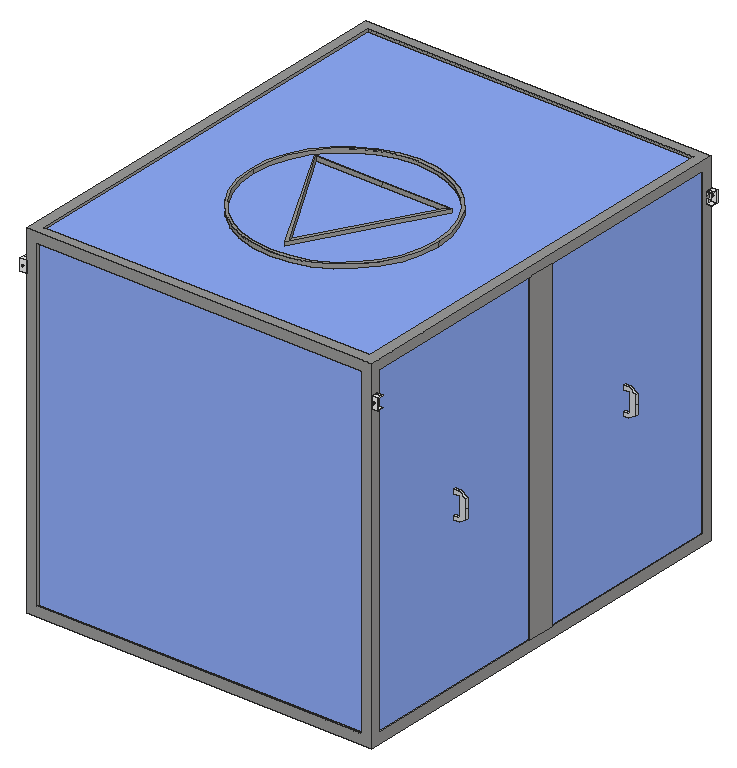
Revit family "2. Вентиляторы KORF ANR V1 REZ", category Оборудование, Revit 2016
Family settings
  Тип детали = Нормальный
  Размер круглого соединителя = Использовать диаметр
  На основе рабочей плоскости = Нет
  Всегда вертикально = Да
  При загрузке вырезать с полостями = Нет
  Общий = Нет
  Точка расчета площади = Нет
Parameters (values of type "ANR 8 V1.2.")
  значок [instance] = yes
  Ширина = Д - 75 mm  # 1550 mm
  Синий = Синий
  Середина = h + Б1 / 2  # 780 mm
  Д1 = Д - 20 mm  # 1605 mm
  Д = 1625 mm
  ножки(да/нет) [instance] = no
  Высота = Б - 75 mm  # 1245 mm
  Б1 = Б - 20 mm  # 1300 mm
  А1 = А - 20 mm  # 1300 mm
  А = 1320 mm
  высота ножек = 120 mm
  Б = 1320 mm
  Частотный преобразователь [instance] = no
  Частота вращения n, об/мин = ""
  Тип, марка, обозначение = "ANR 8 V1.2. REZ"
  Сила тока J, А = ""
  Регулятор расхода [instance] = no
  Раздел = "ОВ"
  Примечание = ""
  Позиция = ""
  Напряжение U,В = ""
  Наименование и тех.хар-ка = "Секция вентилятора с резервным двигателем длинная с назад загнутыми лопатками и выбросом прямо"
  Мощность двигателя N,Вт = ""
  Материал = RAL 0000 Серый металл
  Масса единицы = ""
  Код, оборудования = ""
  Ключевая пометка = "Вентиляция"
  Задание электрикам [instance] = no
  Задание автоматчикам [instance] = no
  Завод изготовитель = "KORF"  # constant formula
  Единица измерения = "шт."  # constant formula
  h = высота ножек + 10 mm  # 130 mm
Types (26, lengths in mm): name | Ширина | Середина | Д1 | Д | Высота | Б1 | А1 | А | Б | Тип, марка, обозначение | Наименование и тех.хар-ка | Материал
  ANR 6 V1.0. | 1025 | 670 | 1080 | 1100 | 1025 | 1080 | 1080 | 1100 | 1100 | "ANR 6 V1.0. REZ" | "Секция вентилятора с резервным двигателем короткая с назад загнутыми лопатками и выбросом прямо" | Сталь серая
  ANR 7 V1.0. | 1025 | 780 | 1080 | 1100 | 1245 | 1300 | 1080 | 1100 | 1320 | "ANR 7 V1.0. REZ" | "Секция вентилятора с резервным двигателем короткая с назад загнутыми лопатками и выбросом прямо" | Сталь серая
  ANR 8 V1.0. | 1025 | 780 | 1080 | 1100 | 1245 | 1300 | 1300 | 1320 | 1320 | "ANR 8 V1.0. REZ" | "Секция вентилятора с резервным двигателем короткая с назад загнутыми лопатками и выбросом прямо" | Сталь серая
  ANR 12 V1.0. | 1025 | 837.5 | 1080 | 1100 | 1360 | 1415 | 1415 | 1435 | 1435 | "ANR 12 V1.0. REZ" | "Секция вентилятора с резервным двигателем короткая с назад загнутыми лопатками и выбросом прямо" | Сталь серая
  ANR 20 V1.0. | 1025 | 950 | 1080 | 1100 | 1585 | 1640 | 1640 | 1660 | 1660 | "ANR 20 V1.0. REZ" | "Секция вентилятора с резервным двигателем короткая с назад загнутыми лопатками и выбросом прямо" | Сталь серая
  ANR 25 V1.0. | 1025 | 1142.5 | 1080 | 1100 | 1970 | 2025 | 2025 | 2045 | 2045 | "ANR 25 V1.0. REZ" | "Секция вентилятора с резервным двигателем короткая с назад загнутыми лопатками и выбросом прямо" | Сталь серая
  ANR 30 V1.1. | 1550 | 1142.5 | 1605 | 1625 | 1970 | 2025 | 2465 | 2485 | 2045 | "ANR 30 V1.1. REZ" | "Секция вентилятора с резервным двигателем удлиненная с назад загнутыми лопатками и выбросом прямо" | Сталь серая
  ANR 35 V1.1. | 1550 | 1362.5 | 1605 | 1625 | 2410 | 2465 | 2465 | 2485 | 2485 | "ANR 35 V1.1. REZ" | "Секция вентилятора с резервным двигателем удлиненная с назад загнутыми лопатками и выбросом прямо" | Сталь серая
  ANR 40 V1.1. | 1550 | 1780 | 1605 | 1625 | 3245 | 3300 | 3300 | 3320 | 3320 | "ANR 40 V1.1. REZ" | "Секция вентилятора с резервным двигателем удлиненная с назад загнутыми лопатками и выбросом прямо" | Сталь серая
  ANR 45 V1.1. | 1550 | 2165 | 1605 | 1625 | 4015 | 4070 | 3300 | 3320 | 4090 | "ANR 45 V1.1. REZ" | "Секция вентилятора с резервным двигателем удлиненная с назад загнутыми лопатками и выбросом прямо" | Сталь серая
  ANR 6 V1.1. | 1550 | 670 | 1605 | 1625 | 1025 | 1080 | 1080 | 1100 | 1100 | "ANR 6 V1.1. REZ" | "Секция вентилятора с резервным двигателем удлиненная с назад загнутыми лопатками и выбросом прямо" | Сталь серая
  ANR 6 V1.2. | 1550 | 670 | 1605 | 1625 | 1025 | 1080 | 1080 | 1100 | 1100 | "ANR 6 V1.1. REZ" | "Секция вентилятора с резервным двигателем длинная с назад загнутыми лопатками и выбросом прямо" | Сталь серая
  ANR 7 V1.1. | 1550 | 780 | 1605 | 1625 | 1245 | 1300 | 1080 | 1100 | 1320 | "ANR 7 V1.1. REZ" | "Секция вентилятора с резервным двигателем удлиненная с назад загнутыми лопатками и выбросом прямо" | Сталь серая
  ANR 7 V1.2. | 1550 | 780 | 1605 | 1625 | 1245 | 1300 | 1080 | 1100 | 1320 | "ANR 7 V1.2. REZ" | "Секция вентилятора с резервным двигателем длинная с назад загнутыми лопатками и выбросом прямо" | Сталь серая
  ANR 8 V1.1. | 1550 | 780 | 1605 | 1625 | 1245 | 1300 | 1300 | 1320 | 1320 | "ANR 8 V1.1. REZ" | "Секция вентилятора с резервным двигателем удлиненная с назад загнутыми лопатками и выбросом прямо" | Сталь серая
  ANR 8 V1.2. | 1550 | 780 | 1605 | 1625 | 1245 | 1300 | 1300 | 1320 | 1320 | "ANR 8 V1.2. REZ" | "Секция вентилятора с резервным двигателем длинная с назад загнутыми лопатками и выбросом прямо" | RAL 0000 Серый металл
  ANR 12 V1.1. | 1550 | 837.5 | 1605 | 1625 | 1360 | 1415 | 1415 | 1435 | 1435 | "ANR 12 V1.1. REZ" | "Секция вентилятора с резервным двигателем удлиненная с назад загнутыми лопатками и выбросом прямо" | Сталь серая
  ANR 12 V1.2. | 1550 | 837.5 | 1605 | 1625 | 1360 | 1415 | 1415 | 1435 | 1435 | "ANR 12 V1.2. REZ" | "Секция вентилятора с резервным двигателем длинная с назад загнутыми лопатками и выбросом прямо" | Сталь серая
  ANR 20 V1.1. | 1550 | 950 | 1605 | 1625 | 1585 | 1640 | 1640 | 1660 | 1660 | "ANR 20 V1.1. REZ" | "Секция вентилятора с резервным двигателем удлиненная с назад загнутыми лопатками и выбросом прямо" | Сталь серая
  ANR 20 V1.2. | 1550 | 950 | 1605 | 1625 | 1585 | 1640 | 1640 | 1660 | 1660 | "ANR 20 V1.2. REZ" | "Секция вентилятора с резервным двигателем длинная с назад загнутыми лопатками и выбросом прямо" | Сталь серая
  ANR 25 V1.1. | 1550 | 1142.5 | 1605 | 1625 | 1970 | 2025 | 2025 | 2045 | 2045 | "ANR 25 V1.1. REZ" | "Секция вентилятора с резервным двигателем удлиненная с назад загнутыми лопатками и выбросом прямо" | Сталь серая
  ANR 25 V1.2. | 1550 | 1142.5 | 1605 | 1625 | 1970 | 2025 | 2025 | 2045 | 2045 | "ANR 25 V1.2. REZ" | "Секция вентилятора с резервным двигателем длинная с назад загнутыми лопатками и выбросом прямо" | Сталь серая
  ANR 30 V1.2. | 1550 | 1142.5 | 1605 | 1625 | 1970 | 2025 | 2465 | 2485 | 2045 | "ANR 30 V1.2. REZ" | "Секция вентилятора с резервным двигателем длинная с назад загнутыми лопатками и выбросом прямо" | Сталь серая
  ANR 35 V1.2. | 1550 | 1362.5 | 1605 | 1625 | 2410 | 2465 | 2465 | 2485 | 2485 | "ANR 35 V1.2. REZ" | "Секция вентилятора с резервным двигателем длинная с назад загнутыми лопатками и выбросом прямо" | Сталь серая
  ANR 40 V1.2. | 1550 | 1780 | 1605 | 1625 | 3245 | 3300 | 3300 | 3320 | 3320 | "ANR 40 V1.2. REZ" | "Секция вентилятора с резервным двигателем длинная с назад загнутыми лопатками и выбросом прямо" | Сталь серая
  ANR 45 V1.2. | 1550 | 2165 | 1605 | 1625 | 4015 | 4070 | 3300 | 3320 | 4090 | "ANR 45 V1.2. REZ" | "Секция вентилятора с резервным двигателем длинная с назад загнутыми лопатками и выбросом прямо" | Сталь серая
Reference planes
  plane 1 "По центру (Вперед/Назад)": y = 0
  plane 2: z = 0
  plane 3 "По центру (Влево/Вправо)": x = 0
  plane 4: x = -650
  plane 5: x = 650
  plane 6: y = 802.5
  plane 7: y = -802.5
  plane 8: z = 1430
  plane 9: z = 130
  plane 10: y = -152
  plane 11: z = 780
  plane 12: y = 52.808
  plane 13: y = -52.808
  plane 14: y = 401.25
  plane 15: y = -401.25
  plane 16: z = 1330
  plane 17: x = 574.5
  plane 18: x = 700
Forms (mm)
  Extrusion 1, solid, material "Синий" <- "Синий", detail levels fine
    sketch origin (0, 0, 50) x (1, 0, 0) y (0, 1, 0)
      loop
        line (-650, 802.5) -> (-650, -802.5) -> (650, -802.5) -> (650, 802.5) -> (-650, 802.5)
    from 80 to 1380
  Sweep 2, solid, material "RAL 0000 Серый металл" <- "Материал", detail levels fine
    path origin (650, -802.5, 50) x (-1, 0, 0) y (0, 0, -1)
      loop
        line (0, -1380) -> (1300, -1380) -> (1300, -80) -> (0, -80) -> (0, -1380)
    profile "Профиль уголок 10х10 : Профиль уголок 10х10" origin (0, -802.5, 1430) x (0, 0, -1) y (0, -1, 0)
      loop
        line (0, -27.5) -> (0, 0) -> (27.5, 0) -> (27.5, 10) -> (-10, 10) -> (-10, -27.5) -> (0, -27.5)
  Sweep 3, solid, material "RAL 0000 Серый металл" <- "Материал", detail levels fine
    path origin (-650, 802.5, 50) x (1, 0, 0) y (0, 0, -1)
      loop
        line (0, -1380) -> (1300, -1380) -> (1300, -80) -> (0, -80) -> (0, -1380)
    profile "Профиль уголок 10х10 : Профиль уголок 10х10" origin (0, 802.5, 1430) x (0, 0, -1) y (0, 1, 0)
      loop
        line (0, -27.5) -> (0, 0) -> (27.5, 0) -> (27.5, 10) -> (-10, 10) -> (-10, -27.5) -> (0, -27.5)
  Sweep 4, solid, material "RAL 0000 Серый металл" <- "Материал", detail levels fine
    path origin (650, 802.5, 50) x (0, -1, 0) y (0, 0, -1)
      loop
        line (0, -1380) -> (1605, -1380) -> (1605, -80) -> (0, -80) -> (0, -1380)
    profile "Профиль уголок 10х10 : Профиль уголок 10х10" origin (650, 0, 1430) x (0, 0, -1) y (1, 0, 0)
      loop
        line (0, -27.5) -> (0, 0) -> (27.5, 0) -> (27.5, 10) -> (-10, 10) -> (-10, -27.5) -> (0, -27.5)
  Sweep 5, solid, material "RAL 0000 Серый металл" <- "Материал", detail levels fine
    path origin (-650, -802.5, 50) x (0, 1, 0) y (0, 0, -1)
      loop
        line (0, -1380) -> (1605, -1380) -> (1605, -80) -> (0, -80) -> (0, -1380)
    profile "Профиль уголок 10х10 : Профиль уголок 10х10" origin (-650, 0, 1430) x (0, 0, -1) y (-1, 0, 0)
      loop
        line (0, -27.5) -> (0, 0) -> (27.5, 0) -> (27.5, 10) -> (-10, 10) -> (-10, -27.5) -> (0, -27.5)
  Extrusion 6, void, not visible
    sketch origin (-345, -245, 50) x (0, -1, 0) y (0, 0, -1)
      loop
        line (-477.965, -475) -> (-477.965, -450) -> (-528.913, -450) -> (-528.913, -475) -> (-477.965, -475)
    from -47.452 to 12
  Sweep 7, solid, material "RAL 0000 Серый металл" <- "Материал", visible <- "ножки(да/нет)", detail levels fine
    path origin (0, 0, 0) x (1, 0, 0) y (0, 1, 0)
      loop
        line (-650, 802.5) -> (-650, -802.5) -> (650, -802.5) -> (650, 802.5) -> (-650, 802.5)
    profile "Семейство1 : Семейство1" origin (0, 802.5, 0) x (0, 1, 0) y (0, 0, 1)
      loop
        line (-10, 120) -> (-10, 100) -> (-3.38, 100) -> (-3.38, 20) -> (-10, 20) -> (-10, 0) -> (10, 0) -> (10, 20) -> (3.38, 20) -> (3.38, 100) -> (10, 100) -> (10, 120) -> (-10, 120)
  Extrusion 8, void
    sketch origin (0, 0, 0) x (1, 0, 0) y (0, 0, 1)
      loop
        line (152.369, 100) -> (152.369, 20) -> (458.798, 20) -> (458.798, 100) -> (152.369, 100)
      loop
        line (-152.369, 100) -> (-458.798, 100) -> (-458.798, 20) -> (-152.369, 20) -> (-152.369, 100)
    from -812.5 to 812.5
  Extrusion 9, void
    sketch origin (0, 0, 0) x (0, 1, 0) y (0, 0, 1)
      loop
        line (-152.418, 100) -> (-479.905, 100) -> (-479.905, 20) -> (-152.418, 20) -> (-152.418, 100)
      loop
        line (152.418, 100) -> (152.418, 20) -> (479.905, 20) -> (479.905, 100) -> (152.418, 100)
    from -660 to 1700
  Extrusion 10, solid, material "RAL 0000 Серый металл" <- "Материал", detail levels fine
    sketch origin (560, 0, 0) x (0, 1, 0) y (0, 0, 1)
      loop
        line (-52.808, 1402.5) -> (-52.808, 157.5) -> (52.808, 157.5) -> (52.808, 1402.5) -> (-52.808, 1402.5)
    from 100 to 90
  Extrusion 11, solid, material "RAL 0000 Серый металл" <- "Материал", visible <- "значок", detail levels fine
    sketch origin (280, 195, 1430) x (1, 0, 0) y (0, 1, 0)
      loop
        circle (-280, -310.913) r 360
      loop
        circle (-280, -310.913) r 350
      loop
        line (-280, -596.25) -> (-17.5, -126.25) -> (-280, -126.25) -> (-542.5, -126.25) -> (-280, -596.25)
      loop
        line (-280, -570.913) -> (-26.16, -131.25) -> (-280, -131.25) -> (-533.84, -131.25) -> (-280, -570.913)
    from 0 to 15
Cuts and joins
  joined: Sweep 2, Sweep 3, Sweep 4, Sweep 5
  Extrusion 8, Extrusion 9 cuts Sweep 7
Lines and regions (mm)
  model lines, detail levels coarse
    curve 1: line (-660, 812.5, 0) -> (660, 812.5, 0)
    curve 2: line (-660, -812.5, 0) -> (-660, 812.5, 0)
    curve 3: line (660, -812.5, 0) -> (-660, -812.5, 0)
    curve 4: line (660, 812.5, 0) -> (660, -812.5, 0)
    curve 5: circle (0, 0, 0) r 359.673 normal (0, 0, 1)
    curve 6: line (-222.627, 110, 0) -> (222.627, 110, 0)
    curve 7: line (222.627, 110, 0) -> (0, -130, 0)
    curve 8: line (0, -130, 0) -> (-222.627, 110, 0)
  model lines, detail levels medium
    curve 9: line (0, 812.5, 1440) -> (0, -812.5, 1440)
    curve 10: line (0, 812.5, 100) -> (0, 812.5, 1440)
    curve 11: line (0, -812.5, 100) -> (0, 812.5, 100)
    curve 12: line (0, -812.5, 1440) -> (0, -812.5, 100)
    curve 13: circle (0, 0, 780) r 440 normal (1, 0, 0)
    curve 14: line (0, -405, 780) -> (0, 246.626, 1097.819)
    curve 15: line (0, 246.626, 1097.819) -> (0, 246.626, 780)
    curve 16: line (0, -405, 780) -> (0, 246.626, 462.181)
    curve 17: line (0, 246.626, 462.181) -> (0, 246.626, 780)
  model lines, not visible, detail levels medium
    curve 18: circle (0, 0, 670) r 440 normal (1, 0, 0)
    curve 19: line (0, -405, 670) -> (0, 246.626, 987.819)
    curve 20: line (0, 246.626, 987.819) -> (0, 246.626, 670)
    curve 21: line (0, -405, 670) -> (0, 246.626, 352.181)
    curve 22: line (0, 246.626, 352.181) -> (0, 246.626, 670)
Dimensions and locks
  equal spacing: plane 6, plane 1 "По центру (Вперед/Назад)", plane 7
  "Д1": plane 6 to plane 7
  equal spacing: plane 4, plane 3 "По центру (Влево/Вправо)", plane 5
  "А1": plane 4 to plane 5
  "h": plane 9 to level
  "Б1": plane 8 to plane 9
  cut or joined group of Sweep 2, Sweep 3, Sweep 4, Sweep 5 to level = 120 mm
  locked: plane 3 "По центру (Влево/Вправо)" to cut or joined group of Sweep 7, Extrusion 8, Extrusion 9 at 152.369
  locked: cut or joined group of Sweep 7, Extrusion 8, Extrusion 9 to plane 3 "По центру (Влево/Вправо)" at 152.369
  locked: plane 1 "По центру (Вперед/Назад)" to plane 10 at 152
  "Середина": plane 11 to level
  locked: plane 11 to nested 2 at 55.342
  equal spacing: Extrusion 10 sketch curve, plane 1 "По центру (Вперед/Назад)", Extrusion 10 sketch curve
  plane 13 to plane 1 "По центру (Вперед/Назад)" to plane 12 = 52.808 mm locked, 52.808 mm locked
  plane 15 to plane 1 "По центру (Вперед/Назад)" to plane 14 = 401.25 mm, 401.25 mm
  locked: plane 8 to plane 16 at 100
  Extrusion 10 to plane 17 = 75.5 mm
  locked: plane 18 to plane 5 at 50
  equal spacing: plane 1 "По центру (Вперед/Назад)", plane 15, plane 7
  equal spacing: plane 6, plane 14, plane 1 "По центру (Вперед/Назад)"
  aligned and locked: level to plane 2
  aligned and locked: plane 6 to Extrusion 1
  aligned and locked: Extrusion 1 to plane 5
  aligned and locked: Extrusion 1 to plane 7
  aligned and locked: Extrusion 1 to plane 4
  aligned and locked: plane 8 to Extrusion 1
  aligned and locked: Extrusion 1 to plane 9
  aligned and locked: Sweep 4 sketch curve to Extrusion 1  (x2)
  aligned and locked: Sweep 5 sketch curve to Extrusion 1  (x2)
  aligned and locked: Sweep 7 sketch curve to Extrusion 1  (x4)
  aligned and locked: Sweep 7 to Extrusion 8  (x2)
  aligned and locked: cut or joined group of Sweep 2, Sweep 3, Sweep 4, Sweep 5 to Extrusion 9
  aligned and locked: Extrusion 10 to cut or joined group of Sweep 2, Sweep 3, Sweep 4, Sweep 5  (x2)
  aligned and locked: Extrusion 10 to plane 12
  aligned and locked: Extrusion 10 to plane 13
  aligned and locked: nested 2 to plane 14
  aligned and locked: nested 3 to plane 15
  aligned and locked: nested 4 to cut or joined group of Sweep 2, Sweep 3, Sweep 4, Sweep 5  (x2)
  aligned and locked: nested 4 to plane 16
  aligned and locked: nested 5 to plane 16
  aligned and locked: cut or joined group of Sweep 2, Sweep 3, Sweep 4, Sweep 5 to nested 5  (x2)
  aligned and locked: cut or joined group of Sweep 2, Sweep 3, Sweep 4, Sweep 5 to nested 4
  aligned and locked: cut or joined group of Sweep 2, Sweep 3, Sweep 4, Sweep 5 to nested 7
  aligned and locked: nested 6 to cut or joined group of Sweep 2, Sweep 3, Sweep 4, Sweep 5
  aligned and locked: plane 16 to nested 7
  aligned and locked: plane 16 to nested 6
  aligned and locked: nested 3 to nested 2
  aligned and locked: cut or joined group of Sweep 2, Sweep 3, Sweep 4, Sweep 5 to Extrusion 10
  aligned and locked: Extrusion 10 to Extrusion 1
  aligned and locked: nested 3 to plane 18
  aligned and locked: nested 2 to plane 18
  aligned and locked: nested 7 to cut or joined group of Sweep 2, Sweep 3, Sweep 4, Sweep 5
  aligned and locked: cut or joined group of Sweep 2, Sweep 3, Sweep 4, Sweep 5 to nested 6
  aligned and locked: plane 14 to nested 2
  aligned and locked: plane 15 to nested 3
  aligned and locked: plane 3 "По центру (Влево/Вправо)" to Extrusion 11 sketch curve
  aligned and locked: plane 15 to Extrusion 11 sketch curve
  aligned and locked: curve 1 to cut or joined group of Sweep 7, Extrusion 8, Extrusion 9
  aligned and locked: curve 2 to cut or joined group of Sweep 7, Extrusion 8, Extrusion 9
  aligned and locked: curve 3 to cut or joined group of Sweep 2, Sweep 3, Sweep 4, Sweep 5
  aligned and locked: curve 9 to cut or joined group of Sweep 2, Sweep 3, Sweep 4, Sweep 5
  aligned and locked: curve 10 to cut or joined group of Sweep 2, Sweep 3, Sweep 4, Sweep 5
  aligned and locked: curve 11 to cut or joined group of Sweep 7, Extrusion 8, Extrusion 9
  aligned and locked: curve 12 to cut or joined group of Sweep 7, Extrusion 8, Extrusion 9
  aligned and locked: plane 11 to curve 16
Automatic sketch dimensions
  Extrusion 6 sketch curve to Extrusion 6 sketch curve = 50.949 mm
  Extrusion 6 sketch curve to Extrusion 6 sketch curve = 25 mm
  curve 8 to plane 3 "По центру (Влево/Вправо)" = 0 mm
  plane 1 "По центру (Вперед/Назад)" to curve 5 = 0 mm
  curve 5 to plane 3 "По центру (Влево/Вправо)" = 0 mm
  curve 8 to plane 12 = 57.192 mm
  curve 8 to plane 3 "По центру (Влево/Вправо)" = 222.627 mm
  plane 3 "По центру (Влево/Вправо)" to curve 7 = 222.627 mm
  plane 5 to curve 4 = 10 mm
  plane 13 to curve 8 = 77.192 mm
  Extrusion 1 sketch curve to plane 4 = 0 mm
  Extrusion 1 sketch curve to plane 5 = 0 mm
  Extrusion 1 sketch curve to plane 7 = 0 mm
  Extrusion 1 sketch curve to plane 6 = 0 mm
  Sweep 2 sketch curve to Extrusion 1 = 0 mm  (x4)
  Sweep 3 sketch curve to Extrusion 1 = 0 mm  (x3)
  Extrusion 1 to Sweep 3 sketch curve = 0 mm
  Sweep 4 sketch curve to Extrusion 1 = 0 mm  (x2)
  Sweep 5 sketch curve to Extrusion 1 = 0 mm  (x2)
  Extrusion 8 sketch curve to plane 9 = 30 mm  (x2)
  plane 4 to Extrusion 8 sketch curve = 191.202 mm
  level to Extrusion 8 sketch curve = 20 mm  (x2)
  Extrusion 8 sketch curve to plane 3 "По центру (Влево/Вправо)" = 152.369 mm
  plane 3 "По центру (Влево/Вправо)" to Extrusion 8 sketch curve = 152.369 mm
  Extrusion 8 sketch curve to plane 5 = 191.202 mm
  Extrusion 9 sketch curve to plane 9 = 30 mm  (x2)
  plane 15 to Extrusion 9 sketch curve = 78.655 mm
  Extrusion 9 sketch curve to plane 10 = 0.418 mm
  Extrusion 9 sketch curve to plane 12 = 99.611 mm
  plane 14 to Extrusion 9 sketch curve = 78.655 mm
  level to Extrusion 9 sketch curve = 20 mm  (x2)
  Extrusion 10 sketch curve to plane 13 = 0 mm
  plane 9 to Extrusion 10 sketch curve = 27.5 mm
  Extrusion 10 sketch curve to plane 8 = 27.5 mm
  Extrusion 11 sketch curve to Extrusion 11 sketch curve = 0 mm  (x6)
  Extrusion 11 sketch curve to Extrusion 11 sketch curve = 253.84 mm  (x2)
  Extrusion 11 sketch curve to Extrusion 11 sketch curve = 8.66 mm  (x2)
  Extrusion 11 sketch curve to Extrusion 11 sketch curve = 25.337 mm
  Extrusion 11 sketch curve to Extrusion 11 sketch curve = 260 mm
  Extrusion 11 sketch curve to Extrusion 11 sketch curve = 179.663 mm
  Extrusion 11 sketch curve to Extrusion 11 sketch curve = 5 mm
  radius of curve 5 = 359.673 mm
  radius of Extrusion 11 sketch curve = 360 mm
  radius of Extrusion 11 sketch curve = 350 mm
Nested families
  nested 1: "крепление 15мм" at (-330, 229.965, 495), type "крепление 15мм", not visible
  nested 2: "Ручка" at (662.018, 411.25, 782.366), type "Ручка", detail levels fine
  nested 3: "Ручка" at (662.018, -411.25, 782.366), type "Ручка", detail levels fine
  nested 4: "крепеж" at (684.5, -812.5, 1285.175) x (-1, 0, 0) z (0, 0, 1), type "крепеж", detail levels fine
  nested 5: "крепеж" at (684.5, 812.5, 1285.175) x (-1, 0, 0) z (0, 0, 1), type "крепеж", detail levels fine
  nested 6: "крепеж" at (-684.5, -812.5, 1285.175), type "крепеж", detail levels fine
  nested 7: "крепеж" at (-684.5, 812.5, 1285.175), type "крепеж", detail levels fine
Definition of nested family "крепление 15мм"
  Parameters (values of type "крепление 15мм")
    Материал крепления = none
  Reference planes
    plane 1 "По центру (Вперед/Назад)": y = 0
    plane 2: z = 0
    plane 3 "По центру (Влево/Вправо)": x = 0
  Forms (mm)
    Extrusion 1, solid, material <- "Материал крепления"
      sketch origin (0, 0, 0) x (1, 0, 0) y (0, 1, 0)
        loop
          line (-25, 0) -> (0, 0) -> (0, 18.31) -> (0, 25) -> (-3, 25) -> (-3, 3) -> (-25, 3) -> (-25, 0)
      from 0 to 30
    Extrusion 2, void
      sketch origin (0, 0, 0) x (1, 0, 0) y (0, 1, 0)
        loop
          line (-3, 3) -> (-3, 54.96) -> (-58, 54.96) -> (-58, 3) -> (-3, 3)
      from 0 to 15
  Cuts and joins
    Extrusion 2 cuts Extrusion 1
  Dimensions and locks
    Extrusion 1 sketch curve to Extrusion 1 sketch curve = 3 mm  (x2)
    Extrusion 1 sketch curve to Extrusion 1 sketch curve to plane 3 "По центру (Влево/Вправо)" = 25 mm, 0 mm
    Extrusion 1 sketch curve to Extrusion 1 sketch curve = 25 mm
    aligned and locked: level to plane 2
Definition of nested family "Ручка"
  Parameters (values of type "Ручка")
    материал ручки = none
  Reference planes
    plane 1 "По центру (Вперед/Назад)": y = 0
    plane 2: z = 0
    plane 3 "По центру (Влево/Вправо)": x = 0
    plane 4: x = -37.982
    plane 5: x = 37.982
  Forms (mm)
    Extrusion 1, solid, material <- "материал ручки", not visible
      sketch origin (-3.982, 0, -4.834) x (0, 0, 1) y (-1, 0, 0)
        loop
          line (-52.874, -42.815) -> (53.726, -42.815) -> (53.726, 8.783) -> (36.069, 34) -> (1.069, 34) -> (-36.069, 34) -> (-52.874, 10) -> (-52.874, -42.815)
      from 0 to 10
    Extrusion 2, void, not visible
      sketch origin (-3.982, 0, -4.834) x (0, 0, 1) y (-1, 0, 0)
        loop
          line (-37.219, -42.815) -> (37.781, -42.815) -> (37.781, 20.04) -> (-37.219, 20.04) -> (-37.219, -42.815)
      from 0 to 50
    Extrusion 3, solid, material <- "материал ручки"
      sketch origin (3.982, 0, -4.834) x (0, 0, 1) y (-1, 0, 0)
        loop
          line (-52.874, 42.815) -> (-52.874, -10) -> (-36.069, -34) -> (1.069, -34) -> (36.069, -34) -> (53.726, -8.783) -> (53.726, 42.815) -> (-52.874, 42.815)
      from 0 to 10
    Extrusion 4, void
      sketch origin (3.982, 0, -4.834) x (0, 0, 1) y (-1, 0, 0)
        loop
          line (-37.219, 42.815) -> (-37.219, -11.018) -> (37.781, -11.018) -> (37.781, 42.815) -> (-37.219, 42.815)
      from 0 to 50
  Cuts and joins
    Extrusion 4 cuts Extrusion 3
  Dimensions and locks
    aligned and locked: level to plane 2
Definition of nested family "крепеж"
  Parameters (values of type "крепеж")
    Материал крепежа = none
  Reference planes
    plane 1 "По центру (Вперед/Назад)": y = 0
    plane 2: z = 0
    plane 3 "По центру (Влево/Вправо)": x = 0
    plane 4: x = 24.5
    plane 5: z = 22.413
  Forms (mm)
    Extrusion 1, solid, material <- "Материал крепежа"
      sketch origin (0, 0, 0) x (0, 1, 0) y (0, 0, 1)
        loop
          line (0, 44.825) -> (-16.343, 44.825) -> (-24.468, 44.825) -> (-24.468, 42.95) -> (-1.968, 42.95) -> (-1.968, 1.657) -> (-24.468, 1.657) -> (-24.468, 0) -> (-16.343, 0) -> (0, 0) -> (0, 44.825)
      from 0 to 24.5
    Extrusion 2, void
      sketch origin (0.625, 0, -0.625) x (1, 0, 0) y (0, 0, 1)
        loop
          circle (11.121, 22.873) r 5
      from 0 to 250
    Extrusion 3, solid, material <- "Материал крепежа"
      sketch origin (0, 0, 0.175) x (1, 0, 0) y (0, 0, 1)
        loop
          line (24.5, 44.651) -> (22.651, 44.651) -> (22.651, -0.175) -> (24.5, -0.175) -> (24.5, 44.651)
      from 0 to 24.468
    Extrusion 4, void
      sketch origin (0, 0, 0) x (0, 1, 0) y (0, 0, 1)
        loop
          line (-24.468, 28.943) -> (-24.468, 15.882) -> (-9.468, 15.882) -> (-9.468, 28.943) -> (-24.468, 28.943)
      from 0 to 250
    Blend 5, solid
      base sketch origin (0, 0, 0) x (0, 1, 0) y (0, 0, 1)
        loop
          circle (-15.104, 36.823) r 4.161
      top sketch origin (0, 0, 0) x (0, 1, 0) y (0, 0, 1)
        loop
          circle (-15.104, 36.823) r 2.994
      from 22.651 to 19.241
    Blend 6, solid
      base sketch origin (0, 0, 44.825) x (0, 1, 0) y (0, 0, 1)
        loop
          circle (-15.104, -36.823) r 4.161
      top sketch origin (0, 0, 44.825) x (0, 1, 0) y (0, 0, 1)
        loop
          circle (-15.104, -36.823) r 2.994
      from 22.651 to 19.241
  Cuts and joins
    Extrusion 2, Extrusion 4 cuts Extrusion 1
    Extrusion 4 cuts Extrusion 3
    joined: Extrusion 1, Extrusion 3
  Dimensions and locks
    plane 3 "По центру (Влево/Вправо)" to plane 4 = 24.5 mm
    equal spacing: cut or joined group of Extrusion 1, Extrusion 2, Extrusion 3, Extrusion 4, plane 5, cut or joined group of Extrusion 1, Extrusion 2, Extrusion 3, Extrusion 4
    equal spacing: Extrusion 4 sketch curve, plane 5, Extrusion 4 sketch curve
    aligned and locked: level to plane 2
    aligned and locked: plane 4 to Extrusion 1
    aligned and locked: cut or joined group of Extrusion 1, Extrusion 2, Extrusion 3, Extrusion 4 to cut or joined group of Extrusion 1, Extrusion 2, Extrusion 3, Extrusion 4  (x3)
    aligned and locked: cut or joined group of Extrusion 1, Extrusion 2, Extrusion 3, Extrusion 4 to Blend 5
  Automatic sketch dimensions
    Extrusion 1 sketch curve to level = 0 mm
    Extrusion 1 sketch curve to plane 1 "По центру (Вперед/Назад)" = 0 mm
    plane 1 "По центру (Вперед/Назад)" to Extrusion 1 sketch curve = 1.968 mm
    Extrusion 1 sketch curve to Extrusion 1 sketch curve = 14.375 mm  (x2)
    level to Extrusion 1 sketch curve = 1.657 mm
    Extrusion 1 sketch curve to Extrusion 1 sketch curve = 8.125 mm  (x2)
    plane 5 to Extrusion 1 sketch curve = 20.538 mm
    Extrusion 1 sketch curve to Extrusion 1 sketch curve = 1.875 mm
    Extrusion 2 sketch curve to plane 5 = 0.165 mm
    plane 3 "По центру (Влево/Вправо)" to Extrusion 2 sketch curve = 11.746 mm
    Extrusion 3 sketch curve to level = 0 mm
    Extrusion 3 sketch curve to plane 4 = 0 mm
    Extrusion 3 sketch curve to Extrusion 3 sketch curve = 1.849 mm
    plane 5 to Extrusion 3 sketch curve = 22.413 mm
    Extrusion 4 sketch curve to plane 5 = 6.531 mm
    plane 1 "По центру (Вперед/Назад)" to Extrusion 4 sketch curve = 24.468 mm
    plane 1 "По центру (Вперед/Назад)" to Extrusion 4 sketch curve = 9.468 mm
    plane 1 "По центру (Вперед/Назад)" to Blend 5 sketch curve = 15.104 mm  (x2)
    plane 5 to Blend 5 sketch curve = 14.41 mm  (x2)
    Blend 6 sketch curve to plane 1 "По центру (Вперед/Назад)" = 15.104 mm  (x2)
    Blend 6 sketch curve to level = 8.002 mm  (x2)
    radius of Extrusion 2 sketch curve = 5 mm
    radius of Blend 5 sketch curve = 4.161 mm
    radius of Blend 5 sketch curve = 2.994 mm
    radius of Blend 6 sketch curve = 4.161 mm
    radius of Blend 6 sketch curve = 2.994 mm
